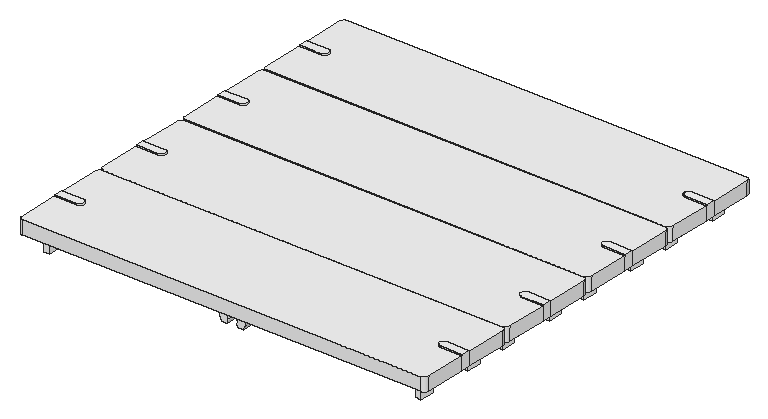
Revit family "Gira_5024219", category Electrical Fixtures, host Face, Revit 2017
Family settings
  Host = Face
  Maintain Annotation Orientation = No
  Round Connector Dimension = Use Diameter
  Part Type = Normal
  Cut with Voids When Loaded = No
  Shared = No
  Room Calculation Point = No
Parameters (values of type "rocker set 4-g PB sens.4 TS4 stainl.steel")
  URL = "https://www.gira.de/"
  Type Comments = ""
  Transparent = no
  Radio frequent bidirectional = no
  Model = ""
  Material quality = "Stainless steel"
  Material = "Metal"
  Manufacturer = "Gira"
  Keynote = ""
  HeinzeBIM = "https://www.heinze.de/bim/rocker-set-4-g-pb-sens-4-ts4-stainl-steel/02a7220a5d363358dd33862e5d543f11a91eabf0"
  HAN = "5024219"
  GTIN = "4010337072065"
  Description = ""
  Default Elevation = 1219.2 mm
  Cost = 0
  Colour = "Stainless steel"
  BIMSITE_PRODUCT_ID = "02a7220a5d363358dd33862e5d543f11a91eabf0"
  BIM = "https://media.live.bim.site/t/eyJhbGciOiJIUzI1NiIsInR5cCI6IkpXVCJ9.eyJjdCI6MSwidGYiOiJwdWJsaWMvZ2lyYS8wOWY1ZGI1LzQwXzUwMjEwMCBUUzQgV2lwcGVuc2V0IDRmYWNoLnJmYSIsImNpZCI6ImZlZDk4ZTlhLTFiZDgtNGM2OC1hNzNiLTc0YTk0ZTMxNTgyMyIsInJpZCI6Ijg2MjI5Njk3NGMzOGM4OGQ0N2I1ZTYxZDM4MTc5ZWE4IiwicGlkIjoiMDJhNzIyMGE1ZDM2MzM1OGRkMzM4NjJlNWQ1NDNmMTFhOTFlYWJmMCIsInNpZCI6IjYzNDcwIiwidXQiOjUsImxjIjoiZW4iLCJpYXQiOjE2MDc0NDAwODUsImlzcyI6Imh0dHBzOi8vYXBpLmxpdmUuYmltLnNpdGUiLCJzdWIiOiI4ZDNhYTVjYi1lMDY2LTQ1OTgtYmUxNi02ZTE2ZWU3NDk1NmEifQ.bGos-4BKt3zpDt6WYqcYsszze8KIhH9PT3bBO3J51dk/40_502100 TS4 Wippenset 4fach.rfa"
  Assembly Code = ""
Reference planes
  plane 1 "Center (Front/Back)": y = 0
  plane 2: z = 0
  plane 3 "Center (Left/Right)": x = 0
Dimensions and locks
  aligned and locked: plane 2 to host face
  aligned and locked: level to host face
Nested families
  nested 1: "40_502100 TS4 Wippenset 4fach" at (0, 0, 0), type "40_502100 TS4 Wippenset 4fach"
Definition of nested family "40_502100 TS4 Wippenset 4fach"
  Parameters
    White = none
  Reference planes
    plane 1 "Center (Front/Back)": y = 0
    plane 2: z = 0
    plane 3 "Center (Left/Right)": x = 0
  Forms (mm)
    Extrusion 1, solid, material <- "White", detail levels fine
      sketch origin (0, 0, 0) x (1, 0, 0) y (0, 1, 0)
        loop
          arc (-46.5, 47.5) -> (-47.207, 47.207) -> (-47.5, 46.5) r 1
          line (-47.5, 46.5) -> (-47.5, 36.7) -> (-42.5, 36.7)
          arc (-42.5, 36.7) -> (-41.5, 35.7) -> (-42.5, 34.7) r 1
          line (-42.5, 34.7) -> (-47.5, 34.7) -> (-47.5, 24.95)
          arc (-47.5, 24.95) -> (-47.207, 24.243) -> (-46.5, 23.95) r 1
          line (-46.5, 23.95) -> (46.5, 23.95)
          arc (46.5, 23.95) -> (47.207, 24.243) -> (47.5, 24.95) r 1
          line (47.5, 24.95) -> (47.5, 34.7) -> (42.5, 34.7)
          arc (42.5, 34.7) -> (41.5, 35.7) -> (42.5, 36.7) r 1
          line (42.5, 36.7) -> (47.5, 36.7) -> (47.5, 46.5)
          arc (47.5, 46.5) -> (47.207, 47.207) -> (46.5, 47.5) r 1
          line (46.5, 47.5) -> (-46.5, 47.5)
      from 0 to 3.1
    Extrusion 2, solid, material <- "White", detail levels fine
      sketch origin (0, 0, 0) x (1, 0, 0) y (0, 1, 0)
        loop
          line (43.976, 44.188) -> (-43.976, 44.188) -> (-43.976, 27.198) -> (43.976, 27.198) -> (43.976, 44.188)
      from 0 to -1.5
    Extrusion 3, solid, detail levels fine
      sketch origin (0, 0, 0) x (1, 0, 0) y (0, 0, -1)
        loop
          line (-1.639, 4) -> (-2.5, 4) -> (-3.5, 1.5) -> (3.5, 1.5) -> (2.5, 4) -> (1.639, 4)
          arc (1.639, 4) -> (1.115, 3.694) -> (1.122, 3.087) r 0.603
          arc (1.122, 3.087) -> (-0.011, 1.666) -> (-1.122, 3.087) r 1.145
          arc (-1.122, 3.087) -> (-1.115, 3.694) -> (-1.639, 4) r 0.603
      from 41.985 to 44.199
    Extrusion 4, solid, material <- "White", detail levels medium
      sketch origin (0, 0, 0) x (1, 0, 0) y (0, 1, 0)
        loop
          line (43.976, 44.188) -> (-43.976, 44.188) -> (-43.976, 27.198) -> (43.976, 27.198) -> (43.976, 44.188)
      from 0 to -4
    Extrusion 5, solid, material <- "White", detail levels medium
      sketch origin (0, 0, 0) x (1, 0, 0) y (0, 1, 0)
        loop
          line (-47.5, 47.5) -> (-47.5, 23.95) -> (47.5, 23.95) -> (47.5, 47.5) -> (-47.5, 47.5)
      from 0 to 3.3
    Extrusion 6, solid, material <- "White", detail levels fine
      sketch origin (0, 0, 0) x (1, 0, 0) y (0, 1, 0)
        loop
          line (-43.976, 44.188) -> (-43.976, 40.908) -> (-42.655, 40.908) -> (-42.655, 44.188) -> (-43.976, 44.188)
        loop
          line (43.976, 44.188) -> (42.655, 44.188) -> (42.655, 40.908) -> (43.976, 40.908) -> (43.976, 44.188)
        loop
          line (-43.976, 27.198) -> (-42.655, 27.198) -> (-42.655, 30.479) -> (-43.976, 30.479) -> (-43.976, 27.198)
        loop
          line (43.976, 27.198) -> (43.976, 30.479) -> (42.655, 30.479) -> (42.655, 27.198) -> (43.976, 27.198)
      from 0 to -4
    Extrusion 7, solid, detail levels fine
      sketch origin (0, 35.7, 0) x (1, 0, 0) y (0, 1, 0)
        loop
          line (-47.5, 1) -> (-47.5, -1) -> (-42.5, -1)
          arc (-42.5, -1) -> (-41.5, 0) -> (-42.5, 1) r 1
          line (-42.5, 1) -> (-47.5, 1)
        loop
          line (47.5, 1) -> (42.5, 1)
          arc (42.5, 1) -> (41.5, 0) -> (42.5, -1) r 1
          line (42.5, -1) -> (47.5, -1) -> (47.5, 1)
      from 0 to 3.3
    Extrusion 8, solid, detail levels coarse
      sketch origin (0, 0, 0) x (1, 0, 0) y (0, 1, 0)
        loop
          line (-47.5, 47.5) -> (-47.5, -47.45) -> (47.5, -47.45) -> (47.5, 47.5) -> (-47.5, 47.5)
      from -4 to 3.3
    Extrusion 9, solid, material <- "White", detail levels fine
      sketch origin (0, 35.735, 0) x (1, 0, 0) y (0, 1, 0)
        loop
          line (-41.852, 6.181) -> (-43.976, 4.461) -> (-43.976, -4.461) -> (-41.852, -6.181)
          arc (-41.852, -6.181) -> (-38.884, -6.014) -> (-38.763, -3.043) r 2.212
          line (-38.763, -3.043) -> (-38.763, 3.043)
          arc (-38.763, 3.043) -> (-38.884, 6.014) -> (-41.852, 6.181) r 2.212
        loop
          arc (-39.415, 3.847) -> (-39.669, 5.38) -> (-41.223, 5.404) r 1.212
          line (-41.223, 5.404) -> (-42.938, 4.015) -> (-40.57, 1.883) -> (-39.415, 3.847)
        loop
          line (-39.415, -3.847) -> (-40.57, -1.883) -> (-42.938, -4.015) -> (-41.223, -5.404)
          arc (-41.223, -5.404) -> (-39.669, -5.38) -> (-39.415, -3.847) r 1.212
        loop
          arc (41.852, 6.181) -> (38.884, 6.014) -> (38.763, 3.043) r 2.212
          line (38.763, 3.043) -> (38.763, -3.043)
          arc (38.763, -3.043) -> (38.884, -6.014) -> (41.852, -6.181) r 2.212
          line (41.852, -6.181) -> (43.976, -4.461) -> (43.976, 4.461) -> (41.852, 6.181)
        loop
          line (39.415, 3.847) -> (40.57, 1.883) -> (42.938, 4.015) -> (41.223, 5.404)
          arc (41.223, 5.404) -> (39.669, 5.38) -> (39.415, 3.847) r 1.212
        loop
          arc (39.415, -3.847) -> (39.669, -5.38) -> (41.223, -5.404) r 1.212
          line (41.223, -5.404) -> (42.938, -4.015) -> (40.57, -1.883) -> (39.415, -3.847)
      from 0 to -3.1
    Extrusion 10, solid, material <- "White", detail levels fine
      sketch origin (0, -23.8, 0) x (1, 0, 0) y (0, 1, 0)
        loop
          arc (-46.5, 47.5) -> (-47.207, 47.207) -> (-47.5, 46.5) r 1
          line (-47.5, 46.5) -> (-47.5, 36.7) -> (-42.5, 36.7)
          arc (-42.5, 36.7) -> (-41.5, 35.7) -> (-42.5, 34.7) r 1
          line (-42.5, 34.7) -> (-47.5, 34.7) -> (-47.5, 24.95)
          arc (-47.5, 24.95) -> (-47.207, 24.243) -> (-46.5, 23.95) r 1
          line (-46.5, 23.95) -> (46.5, 23.95)
          arc (46.5, 23.95) -> (47.207, 24.243) -> (47.5, 24.95) r 1
          line (47.5, 24.95) -> (47.5, 34.7) -> (42.5, 34.7)
          arc (42.5, 34.7) -> (41.5, 35.7) -> (42.5, 36.7) r 1
          line (42.5, 36.7) -> (47.5, 36.7) -> (47.5, 46.5)
          arc (47.5, 46.5) -> (47.207, 47.207) -> (46.5, 47.5) r 1
          line (46.5, 47.5) -> (-46.5, 47.5)
      from 0 to 3.1
    Extrusion 11, solid, material <- "White", detail levels fine
      sketch origin (0, -23.8, 0) x (1, 0, 0) y (0, 1, 0)
        loop
          line (43.976, 44.188) -> (-43.976, 44.188) -> (-43.976, 27.198) -> (43.976, 27.198) -> (43.976, 44.188)
      from 0 to -1.5
    Extrusion 12, solid, detail levels fine
      sketch origin (0, -23.8, 0) x (1, 0, 0) y (0, 0, -1)
        loop
          line (-1.639, 4) -> (-2.5, 4) -> (-3.5, 1.5) -> (3.5, 1.5) -> (2.5, 4) -> (1.639, 4)
          arc (1.639, 4) -> (1.115, 3.694) -> (1.122, 3.087) r 0.603
          arc (1.122, 3.087) -> (-0.011, 1.666) -> (-1.122, 3.087) r 1.145
          arc (-1.122, 3.087) -> (-1.115, 3.694) -> (-1.639, 4) r 0.603
      from 41.985 to 44.199
    Extrusion 13, solid, material <- "White", detail levels medium
      sketch origin (0, -23.8, 0) x (1, 0, 0) y (0, 1, 0)
        loop
          line (43.976, 44.188) -> (-43.976, 44.188) -> (-43.976, 27.198) -> (43.976, 27.198) -> (43.976, 44.188)
      from 0 to -4
    Extrusion 14, solid, material <- "White", detail levels medium
      sketch origin (0, -23.8, 0) x (1, 0, 0) y (0, 1, 0)
        loop
          line (-47.5, 47.5) -> (-47.5, 23.95) -> (47.5, 23.95) -> (47.5, 47.5) -> (-47.5, 47.5)
      from 0 to 3.3
    Extrusion 15, solid, material <- "White", detail levels fine
      sketch origin (0, -23.8, 0) x (1, 0, 0) y (0, 1, 0)
        loop
          line (-43.976, 44.188) -> (-43.976, 40.908) -> (-42.655, 40.908) -> (-42.655, 44.188) -> (-43.976, 44.188)
        loop
          line (43.976, 44.188) -> (42.655, 44.188) -> (42.655, 40.908) -> (43.976, 40.908) -> (43.976, 44.188)
        loop
          line (-43.976, 27.198) -> (-42.655, 27.198) -> (-42.655, 30.479) -> (-43.976, 30.479) -> (-43.976, 27.198)
        loop
          line (43.976, 27.198) -> (43.976, 30.479) -> (42.655, 30.479) -> (42.655, 27.198) -> (43.976, 27.198)
      from 0 to -4
    Extrusion 16, solid, detail levels fine
      sketch origin (0, 11.9, 0) x (1, 0, 0) y (0, 1, 0)
        loop
          line (-47.5, 1) -> (-47.5, -1) -> (-42.5, -1)
          arc (-42.5, -1) -> (-41.5, 0) -> (-42.5, 1) r 1
          line (-42.5, 1) -> (-47.5, 1)
        loop
          line (47.5, 1) -> (42.5, 1)
          arc (42.5, 1) -> (41.5, 0) -> (42.5, -1) r 1
          line (42.5, -1) -> (47.5, -1) -> (47.5, 1)
      from 0 to 3.3
    Extrusion 17, solid, material <- "White", detail levels fine
      sketch origin (0, 11.935, 0) x (1, 0, 0) y (0, 1, 0)
        loop
          line (-41.852, 6.181) -> (-43.976, 4.461) -> (-43.976, -4.461) -> (-41.852, -6.181)
          arc (-41.852, -6.181) -> (-38.884, -6.014) -> (-38.763, -3.043) r 2.212
          line (-38.763, -3.043) -> (-38.763, 3.043)
          arc (-38.763, 3.043) -> (-38.884, 6.014) -> (-41.852, 6.181) r 2.212
        loop
          arc (-39.415, 3.847) -> (-39.669, 5.38) -> (-41.223, 5.404) r 1.212
          line (-41.223, 5.404) -> (-42.938, 4.015) -> (-40.57, 1.883) -> (-39.415, 3.847)
        loop
          line (-39.415, -3.847) -> (-40.57, -1.883) -> (-42.938, -4.015) -> (-41.223, -5.404)
          arc (-41.223, -5.404) -> (-39.669, -5.38) -> (-39.415, -3.847) r 1.212
        loop
          arc (41.852, 6.181) -> (38.884, 6.014) -> (38.763, 3.043) r 2.212
          line (38.763, 3.043) -> (38.763, -3.043)
          arc (38.763, -3.043) -> (38.884, -6.014) -> (41.852, -6.181) r 2.212
          line (41.852, -6.181) -> (43.976, -4.461) -> (43.976, 4.461) -> (41.852, 6.181)
        loop
          line (39.415, 3.847) -> (40.57, 1.883) -> (42.938, 4.015) -> (41.223, 5.404)
          arc (41.223, 5.404) -> (39.669, 5.38) -> (39.415, 3.847) r 1.212
        loop
          arc (39.415, -3.847) -> (39.669, -5.38) -> (41.223, -5.404) r 1.212
          line (41.223, -5.404) -> (42.938, -4.015) -> (40.57, -1.883) -> (39.415, -3.847)
      from 0 to -3.1
    Extrusion 18, solid, material <- "White", detail levels fine
      sketch origin (0, -47.65, 0) x (1, 0, 0) y (0, 1, 0)
        loop
          arc (-46.5, 47.5) -> (-47.207, 47.207) -> (-47.5, 46.5) r 1
          line (-47.5, 46.5) -> (-47.5, 36.7) -> (-42.5, 36.7)
          arc (-42.5, 36.7) -> (-41.5, 35.7) -> (-42.5, 34.7) r 1
          line (-42.5, 34.7) -> (-47.5, 34.7) -> (-47.5, 24.95)
          arc (-47.5, 24.95) -> (-47.207, 24.243) -> (-46.5, 23.95) r 1
          line (-46.5, 23.95) -> (46.5, 23.95)
          arc (46.5, 23.95) -> (47.207, 24.243) -> (47.5, 24.95) r 1
          line (47.5, 24.95) -> (47.5, 34.7) -> (42.5, 34.7)
          arc (42.5, 34.7) -> (41.5, 35.7) -> (42.5, 36.7) r 1
          line (42.5, 36.7) -> (47.5, 36.7) -> (47.5, 46.5)
          arc (47.5, 46.5) -> (47.207, 47.207) -> (46.5, 47.5) r 1
          line (46.5, 47.5) -> (-46.5, 47.5)
      from 0 to 3.1
    Extrusion 19, solid, material <- "White", detail levels fine
      sketch origin (0, -47.65, 0) x (1, 0, 0) y (0, 1, 0)
        loop
          line (43.976, 44.188) -> (-43.976, 44.188) -> (-43.976, 27.198) -> (43.976, 27.198) -> (43.976, 44.188)
      from 0 to -1.5
    Extrusion 20, solid, detail levels fine
      sketch origin (0, -47.65, 0) x (1, 0, 0) y (0, 0, -1)
        loop
          line (-1.639, 4) -> (-2.5, 4) -> (-3.5, 1.5) -> (3.5, 1.5) -> (2.5, 4) -> (1.639, 4)
          arc (1.639, 4) -> (1.115, 3.694) -> (1.122, 3.087) r 0.603
          arc (1.122, 3.087) -> (-0.011, 1.666) -> (-1.122, 3.087) r 1.145
          arc (-1.122, 3.087) -> (-1.115, 3.694) -> (-1.639, 4) r 0.603
      from 41.985 to 44.199
    Extrusion 21, solid, material <- "White", detail levels medium
      sketch origin (0, -47.65, 0) x (1, 0, 0) y (0, 1, 0)
        loop
          line (43.976, 44.188) -> (-43.976, 44.188) -> (-43.976, 27.198) -> (43.976, 27.198) -> (43.976, 44.188)
      from 0 to -4
    Extrusion 22, solid, material <- "White", detail levels medium
      sketch origin (0, -47.65, 0) x (1, 0, 0) y (0, 1, 0)
        loop
          line (-47.5, 47.5) -> (-47.5, 23.95) -> (47.5, 23.95) -> (47.5, 47.5) -> (-47.5, 47.5)
      from 0 to 3.3
    Extrusion 23, solid, material <- "White", detail levels fine
      sketch origin (0, -47.65, 0) x (1, 0, 0) y (0, 1, 0)
        loop
          line (-43.976, 44.188) -> (-43.976, 40.908) -> (-42.655, 40.908) -> (-42.655, 44.188) -> (-43.976, 44.188)
        loop
          line (43.976, 44.188) -> (42.655, 44.188) -> (42.655, 40.908) -> (43.976, 40.908) -> (43.976, 44.188)
        loop
          line (-43.976, 27.198) -> (-42.655, 27.198) -> (-42.655, 30.479) -> (-43.976, 30.479) -> (-43.976, 27.198)
        loop
          line (43.976, 27.198) -> (43.976, 30.479) -> (42.655, 30.479) -> (42.655, 27.198) -> (43.976, 27.198)
      from 0 to -4
    Extrusion 24, solid, detail levels fine
      sketch origin (0, -11.95, 0) x (1, 0, 0) y (0, 1, 0)
        loop
          line (-47.5, 1) -> (-47.5, -1) -> (-42.5, -1)
          arc (-42.5, -1) -> (-41.5, 0) -> (-42.5, 1) r 1
          line (-42.5, 1) -> (-47.5, 1)
        loop
          line (47.5, 1) -> (42.5, 1)
          arc (42.5, 1) -> (41.5, 0) -> (42.5, -1) r 1
          line (42.5, -1) -> (47.5, -1) -> (47.5, 1)
      from 0 to 3.3
    Extrusion 25, solid, material <- "White", detail levels fine
      sketch origin (0, -11.915, 0) x (1, 0, 0) y (0, 1, 0)
        loop
          line (-41.852, 6.181) -> (-43.976, 4.461) -> (-43.976, -4.461) -> (-41.852, -6.181)
          arc (-41.852, -6.181) -> (-38.884, -6.014) -> (-38.763, -3.043) r 2.212
          line (-38.763, -3.043) -> (-38.763, 3.043)
          arc (-38.763, 3.043) -> (-38.884, 6.014) -> (-41.852, 6.181) r 2.212
        loop
          arc (-39.415, 3.847) -> (-39.669, 5.38) -> (-41.223, 5.404) r 1.212
          line (-41.223, 5.404) -> (-42.938, 4.015) -> (-40.57, 1.883) -> (-39.415, 3.847)
        loop
          line (-39.415, -3.847) -> (-40.57, -1.883) -> (-42.938, -4.015) -> (-41.223, -5.404)
          arc (-41.223, -5.404) -> (-39.669, -5.38) -> (-39.415, -3.847) r 1.212
        loop
          arc (41.852, 6.181) -> (38.884, 6.014) -> (38.763, 3.043) r 2.212
          line (38.763, 3.043) -> (38.763, -3.043)
          arc (38.763, -3.043) -> (38.884, -6.014) -> (41.852, -6.181) r 2.212
          line (41.852, -6.181) -> (43.976, -4.461) -> (43.976, 4.461) -> (41.852, 6.181)
        loop
          line (39.415, 3.847) -> (40.57, 1.883) -> (42.938, 4.015) -> (41.223, 5.404)
          arc (41.223, 5.404) -> (39.669, 5.38) -> (39.415, 3.847) r 1.212
        loop
          arc (39.415, -3.847) -> (39.669, -5.38) -> (41.223, -5.404) r 1.212
          line (41.223, -5.404) -> (42.938, -4.015) -> (40.57, -1.883) -> (39.415, -3.847)
      from 0 to -3.1
    Extrusion 26, solid, material <- "White", detail levels fine
      sketch origin (0, -71.4, 0) x (1, 0, 0) y (0, 1, 0)
        loop
          arc (-46.5, 47.5) -> (-47.207, 47.207) -> (-47.5, 46.5) r 1
          line (-47.5, 46.5) -> (-47.5, 36.7) -> (-42.5, 36.7)
          arc (-42.5, 36.7) -> (-41.5, 35.7) -> (-42.5, 34.7) r 1
          line (-42.5, 34.7) -> (-47.5, 34.7) -> (-47.5, 24.95)
          arc (-47.5, 24.95) -> (-47.207, 24.243) -> (-46.5, 23.95) r 1
          line (-46.5, 23.95) -> (46.5, 23.95)
          arc (46.5, 23.95) -> (47.207, 24.243) -> (47.5, 24.95) r 1
          line (47.5, 24.95) -> (47.5, 34.7) -> (42.5, 34.7)
          arc (42.5, 34.7) -> (41.5, 35.7) -> (42.5, 36.7) r 1
          line (42.5, 36.7) -> (47.5, 36.7) -> (47.5, 46.5)
          arc (47.5, 46.5) -> (47.207, 47.207) -> (46.5, 47.5) r 1
          line (46.5, 47.5) -> (-46.5, 47.5)
      from 0 to 3.1
    Extrusion 27, solid, material <- "White", detail levels fine
      sketch origin (0, -71.4, 0) x (1, 0, 0) y (0, 1, 0)
        loop
          line (43.976, 44.188) -> (-43.976, 44.188) -> (-43.976, 27.198) -> (43.976, 27.198) -> (43.976, 44.188)
      from 0 to -1.5
    Extrusion 28, solid, detail levels fine
      sketch origin (0, -71.4, 0) x (1, 0, 0) y (0, 0, -1)
        loop
          line (-1.639, 4) -> (-2.5, 4) -> (-3.5, 1.5) -> (3.5, 1.5) -> (2.5, 4) -> (1.639, 4)
          arc (1.639, 4) -> (1.115, 3.694) -> (1.122, 3.087) r 0.603
          arc (1.122, 3.087) -> (-0.011, 1.666) -> (-1.122, 3.087) r 1.145
          arc (-1.122, 3.087) -> (-1.115, 3.694) -> (-1.639, 4) r 0.603
      from 41.985 to 44.199
    Extrusion 29, solid, material <- "White", detail levels medium
      sketch origin (0, -71.4, 0) x (1, 0, 0) y (0, 1, 0)
        loop
          line (43.976, 44.188) -> (-43.976, 44.188) -> (-43.976, 27.198) -> (43.976, 27.198) -> (43.976, 44.188)
      from 0 to -4
    Extrusion 30, solid, material <- "White", detail levels medium
      sketch origin (0, -71.4, 0) x (1, 0, 0) y (0, 1, 0)
        loop
          line (-47.5, 47.5) -> (-47.5, 23.95) -> (47.5, 23.95) -> (47.5, 47.5) -> (-47.5, 47.5)
      from 0 to 3.3
    Extrusion 31, solid, material <- "White", detail levels fine
      sketch origin (0, -71.4, 0) x (1, 0, 0) y (0, 1, 0)
        loop
          line (-43.976, 44.188) -> (-43.976, 40.908) -> (-42.655, 40.908) -> (-42.655, 44.188) -> (-43.976, 44.188)
        loop
          line (43.976, 44.188) -> (42.655, 44.188) -> (42.655, 40.908) -> (43.976, 40.908) -> (43.976, 44.188)
        loop
          line (-43.976, 27.198) -> (-42.655, 27.198) -> (-42.655, 30.479) -> (-43.976, 30.479) -> (-43.976, 27.198)
        loop
          line (43.976, 27.198) -> (43.976, 30.479) -> (42.655, 30.479) -> (42.655, 27.198) -> (43.976, 27.198)
      from 0 to -4
    Extrusion 32, solid, detail levels fine
      sketch origin (0, -35.7, 0) x (1, 0, 0) y (0, 1, 0)
        loop
          line (-47.5, 1) -> (-47.5, -1) -> (-42.5, -1)
          arc (-42.5, -1) -> (-41.5, 0) -> (-42.5, 1) r 1
          line (-42.5, 1) -> (-47.5, 1)
        loop
          line (47.5, 1) -> (42.5, 1)
          arc (42.5, 1) -> (41.5, 0) -> (42.5, -1) r 1
          line (42.5, -1) -> (47.5, -1) -> (47.5, 1)
      from 0 to 3.3
    Extrusion 33, solid, material <- "White", detail levels fine
      sketch origin (0, -35.665, 0) x (1, 0, 0) y (0, 1, 0)
        loop
          line (-41.852, 6.181) -> (-43.976, 4.461) -> (-43.976, -4.461) -> (-41.852, -6.181)
          arc (-41.852, -6.181) -> (-38.884, -6.014) -> (-38.763, -3.043) r 2.212
          line (-38.763, -3.043) -> (-38.763, 3.043)
          arc (-38.763, 3.043) -> (-38.884, 6.014) -> (-41.852, 6.181) r 2.212
        loop
          arc (-39.415, 3.847) -> (-39.669, 5.38) -> (-41.223, 5.404) r 1.212
          line (-41.223, 5.404) -> (-42.938, 4.015) -> (-40.57, 1.883) -> (-39.415, 3.847)
        loop
          line (-39.415, -3.847) -> (-40.57, -1.883) -> (-42.938, -4.015) -> (-41.223, -5.404)
          arc (-41.223, -5.404) -> (-39.669, -5.38) -> (-39.415, -3.847) r 1.212
        loop
          arc (41.852, 6.181) -> (38.884, 6.014) -> (38.763, 3.043) r 2.212
          line (38.763, 3.043) -> (38.763, -3.043)
          arc (38.763, -3.043) -> (38.884, -6.014) -> (41.852, -6.181) r 2.212
          line (41.852, -6.181) -> (43.976, -4.461) -> (43.976, 4.461) -> (41.852, 6.181)
        loop
          line (39.415, 3.847) -> (40.57, 1.883) -> (42.938, 4.015) -> (41.223, 5.404)
          arc (41.223, 5.404) -> (39.669, 5.38) -> (39.415, 3.847) r 1.212
        loop
          arc (39.415, -3.847) -> (39.669, -5.38) -> (41.223, -5.404) r 1.212
          line (41.223, -5.404) -> (42.938, -4.015) -> (40.57, -1.883) -> (39.415, -3.847)
      from 0 to -3.1
    Extrusion 34, solid, detail levels fine
      sketch origin (0, 71.387, 0) x (1, 0, 0) y (0, 0, 1)
        loop
          arc (-1.639, -4) -> (-1.115, -3.694) -> (-1.122, -3.087) r 0.603
          arc (-1.122, -3.087) -> (-0.011, -1.666) -> (1.122, -3.087) r 1.145
          arc (1.122, -3.087) -> (1.115, -3.694) -> (1.639, -4) r 0.603
          line (1.639, -4) -> (2.5, -4) -> (3.5, -1.5) -> (-3.5, -1.5) -> (-2.5, -4) -> (-1.639, -4)
      from 41.985 to 44.199
    Extrusion 35, solid, detail levels fine
      sketch origin (0, 47.597, 0) x (1, 0, 0) y (0, 0, 1)
        loop
          arc (-1.639, -4) -> (-1.115, -3.694) -> (-1.122, -3.087) r 0.603
          arc (-1.122, -3.087) -> (-0.011, -1.666) -> (1.122, -3.087) r 1.145
          arc (1.122, -3.087) -> (1.115, -3.694) -> (1.639, -4) r 0.603
          line (1.639, -4) -> (2.5, -4) -> (3.5, -1.5) -> (-3.5, -1.5) -> (-2.5, -4) -> (-1.639, -4)
      from 41.985 to 44.199
    Extrusion 36, solid, detail levels fine
      sketch origin (0, 23.747, 0) x (1, 0, 0) y (0, 0, 1)
        loop
          arc (-1.639, -4) -> (-1.115, -3.694) -> (-1.122, -3.087) r 0.603
          arc (-1.122, -3.087) -> (-0.011, -1.666) -> (1.122, -3.087) r 1.145
          arc (1.122, -3.087) -> (1.115, -3.694) -> (1.639, -4) r 0.603
          line (1.639, -4) -> (2.5, -4) -> (3.5, -1.5) -> (-3.5, -1.5) -> (-2.5, -4) -> (-1.639, -4)
      from 41.985 to 44.199
    Extrusion 37, solid, detail levels fine
      sketch origin (0, -0.003, 0) x (1, 0, 0) y (0, 0, 1)
        loop
          arc (-1.639, -4) -> (-1.115, -3.694) -> (-1.122, -3.087) r 0.603
          arc (-1.122, -3.087) -> (-0.011, -1.666) -> (1.122, -3.087) r 1.145
          arc (1.122, -3.087) -> (1.115, -3.694) -> (1.639, -4) r 0.603
          line (1.639, -4) -> (2.5, -4) -> (3.5, -1.5) -> (-3.5, -1.5) -> (-2.5, -4) -> (-1.639, -4)
      from 41.985 to 44.199
  Cuts and joins
    joined: Extrusion 2, Extrusion 6, Extrusion 9
  Dimensions and locks
    aligned and locked: level to plane 2
